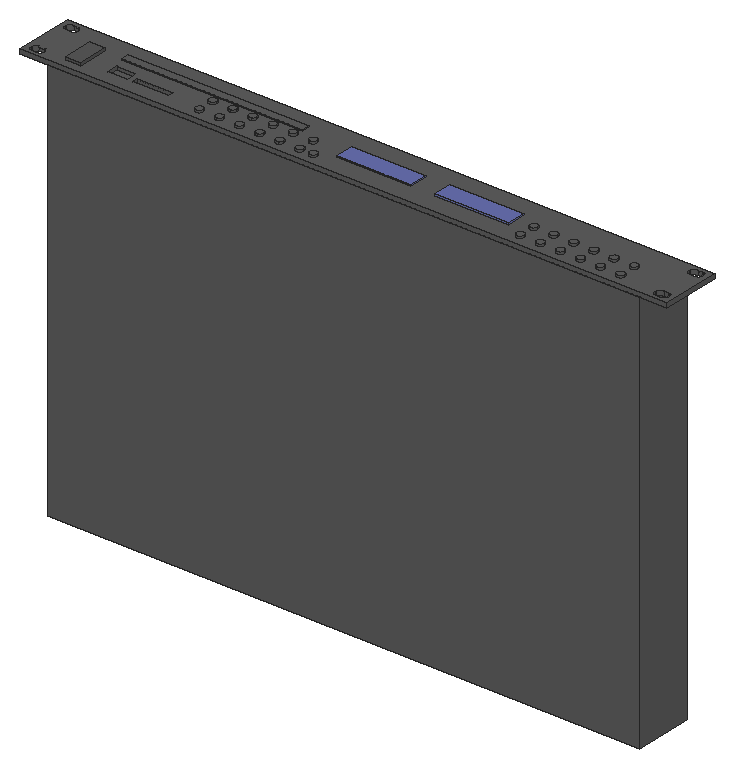
Revit family "1Electronics_Commercial-Audio_Biamp_Music-Source_PC3000", category Communication Devices, host Face, Revit 2020
Family settings
  Host = Face
  Maintain Annotation Orientation = No
  Round Connector Dimension = Use Diameter
  Part Type = Normal
  OmniClass Number = 23.85.10.11.14
  OmniClass Title = Audio Equipment
  Cut with Voids When Loaded = No
  Shared = No
  Room Calculation Point = No
Parameters (values of type "PCR3000RMKIII")
  Width = 1' - 7"  # constant formula
  Weight = 10.15 lbf  # constant formula
  Voltage = 230 V  # constant formula
  Unbalanced outputs = "2 x RCA + COMBI RCA"  # constant formula
  USB = "32 GB up to 9999 songs"  # constant formula
  URL = "https://www.biamp.com/"
  Supported file format = "MP3, WMA"  # constant formula
  Supported bluetooth profiles = "A2DP, AVRCP and SPP"  # constant formula
  SD card = "32 GB up to 9999 songs"  # constant formula
  RS232 control = "Yes"  # constant formula
  Product data url = "https://www.bimobject.com/biamp/product/pcr3000rmkiii_commercial-audio-music-source"
  Product Page URL = "https://www.biamp.com/products/product-families/commercial-audio/music-sources#pcr3000rmkiii"
  Product Documentation Link = "https://downloads.biamp.com/assets/docs/default-source/data-sheets/biamp_data_sheet_pcr3000rmkiii_aug20.pdf"
  Power Factor = 1  # constant formula
  Other/digital outputs = "1 x optical + 1 x coaxial"  # constant formula
  Number of Poles = 1  # constant formula
  Model = "PCR3000RMKIII"  # constant formula
  Max Power Consumption = 0 W  # constant formula
  Manufacturer = "Biamp"  # constant formula
  IR remote included = "Yes"  # constant formula
  Housing Material = Biamp - Metal - Black
  Height = 0' - 1.73228"  # constant formula
  FM tuner = "Yes"  # constant formula
  Description = "PCR3000RMKIII Music Source with DAB & FM RDS/CD/USB/SD-Card /Bluetooth"  # constant formula
  Depth = 1' - 0.00787"  # constant formula
  Default Elevation = 4' - 0"
  DAB Tuner / DAB + = "Yes"  # constant formula
  Connector Description = "230VAC / 50-60Hz / 30W"  # constant formula
  CD = "Yes"  # constant formula
  Bluetooth = "Yes"  # constant formula
  Applicable low impedance = "Yes"  # constant formula
  Apparent Load = Max Power Consumption / Power Factor  # 0 VA
Reference planes (in)
  plane 1 "Center (Front/Back)": y = 0
  plane 2: z = 0
  plane 3 "Center (Left/Right)": x = 0
  plane 4: x = 18.34401
  plane 5: x = 9.17029
  plane 6: y = -0.63068
  plane 7: y = 0.63068
Forms (in)
  Extrusion 1, void
    sketch origin (0, 0, 0) x (1, 0, 0) y (0, 0, 1)
      loop
        line (0.45929, 0) -> (0.45929, -12.08661) -> (17.88129, -12.08661) -> (17.88129, 0) -> (18.67816, 0) -> (18.67816, 0.19685) -> (-0.33759, 0.19685) -> (-0.33759, 0) -> (0.45929, 0)
    from -0.86614 to 0.86614
  Extrusion 2, solid, material "Biamp - Metal - Black" <- "Housing Material", detail levels coarse
    sketch origin (18.34058, 0, 0) x (-1, 0, 0) y (0, 0, 1)
      loop
        line (0.45929, 0) -> (0.45929, -12.08661) -> (17.88129, -12.08661) -> (17.88129, 0) -> (18.67816, 0) -> (18.67816, 0.19685) -> (-0.33759, 0.19685) -> (-0.33759, 0) -> (0.45929, 0)
    from -0.86614 to 0.86614
Lines and regions (in)
  Masking region 1
    outline origin (0, 0, 0) x (1, 0, 0) y (0, 0, 1)
      loop
        line (18.67816, 0.19685) -> (-0.33759, 0.19685) -> (-0.33759, 0) -> (0.45929, 0) -> (0.45929, -12.08661) -> (17.88129, -12.08661) -> (17.88129, 0) -> (18.67816, 0) -> (18.67816, 0.19685)
  Masking region 2
    outline origin (0, 0, 0) x (0, 1, 0) y (0, 0, 1)
      loop
        line (0.86614, -12.08661) -> (0.86614, 0.19685) -> (-0.86614, 0.19685) -> (-0.86614, -12.08661) -> (0.86614, -12.08661)
  Masking region 3
    outline origin (18.34058, 0, 0) x (-1, 0, 0) y (0, -1, 0)
      loop
        line (18.67816, 0.86614) -> (-0.33759, 0.86614) -> (-0.33759, -0.86614) -> (18.67816, -0.86614) -> (18.67816, 0.86614)
      loop
        arc (0.069, 0.49667) -> (0.15513, 0.52802) -> (0.20095, 0.60741) r 0.13399
        line (0.20095, 0.60741) -> (0.20095, 0.65395)
        arc (0.20095, 0.65395) -> (0.15512, 0.73332) -> (0.069, 0.76467) r 0.134
        line (0.069, 0.76467) -> (-0.069, 0.76467)
        arc (-0.069, 0.76467) -> (-0.15512, 0.73332) -> (-0.20095, 0.65395) r 0.134
        line (-0.20095, 0.65395) -> (-0.20095, 0.60741)
        arc (-0.20095, 0.60741) -> (-0.15513, 0.52802) -> (-0.069, 0.49667) r 0.13399
        line (-0.069, 0.49667) -> (0.069, 0.49667)
      loop
        line (0.069, -0.48715) -> (-0.069, -0.48715)
        arc (-0.069, -0.48715) -> (-0.15512, -0.51849) -> (-0.20095, -0.59787) r 0.134
        line (-0.20095, -0.59787) -> (-0.20095, -0.6444)
        arc (-0.20095, -0.6444) -> (-0.15513, -0.72379) -> (-0.069, -0.75515) r 0.13399
        line (-0.069, -0.75515) -> (0.069, -0.75515)
        arc (0.069, -0.75515) -> (0.15513, -0.72379) -> (0.20095, -0.6444) r 0.13399
        line (0.20095, -0.6444) -> (0.20095, -0.59787)
        arc (0.20095, -0.59787) -> (0.15512, -0.51849) -> (0.069, -0.48715) r 0.134
      loop
        arc (18.41301, 0.49667) -> (18.49915, 0.52802) -> (18.54498, 0.60741) r 0.13401
        line (18.54498, 0.60741) -> (18.54498, 0.65395)
        arc (18.54498, 0.65395) -> (18.49914, 0.73332) -> (18.41301, 0.76467) r 0.13401
        line (18.41301, 0.76467) -> (18.27501, 0.76467)
        arc (18.27501, 0.76467) -> (18.18888, 0.73332) -> (18.14305, 0.65395) r 0.134
        line (18.14305, 0.65395) -> (18.14305, 0.60741)
        arc (18.14305, 0.60741) -> (18.18888, 0.52802) -> (18.27501, 0.49667) r 0.13399
        line (18.27501, 0.49667) -> (18.41301, 0.49667)
      loop
        line (18.14305, -0.59787) -> (18.14305, -0.6444)
        arc (18.14305, -0.6444) -> (18.18888, -0.72379) -> (18.27501, -0.75515) r 0.13399
        line (18.27501, -0.75515) -> (18.41301, -0.75515)
        arc (18.41301, -0.75515) -> (18.49913, -0.72382) -> (18.54498, -0.64448) r 0.13402
        line (18.54498, -0.64448) -> (18.54498, -0.59787)
        arc (18.54498, -0.59787) -> (18.49914, -0.51849) -> (18.41301, -0.48715) r 0.13401
        line (18.41301, -0.48715) -> (18.27501, -0.48715)
        arc (18.27501, -0.48715) -> (18.18888, -0.51849) -> (18.14305, -0.59787) r 0.134
  symbolic lines
    curve 1: line (18.67816, 0, 0.19685) -> (-0.33759, 0, 0.19685)
    curve 2: line (-0.33759, 0, 0.19685) -> (-0.33759, 0, 0)
    curve 3: line (-0.33759, 0, 0) -> (0.45929, 0, 0)
    curve 4: line (0.45929, 0, 0) -> (0.45929, 0, -12.08661)
    curve 5: line (0.45929, 0, -12.08661) -> (17.88129, 0, -12.08661)
    curve 6: line (17.88129, 0, -12.08661) -> (17.88129, 0, 0)
    curve 7: line (17.88129, 0, 0) -> (18.67816, 0, 0)
    curve 8: line (18.67816, 0, 0) -> (18.67816, 0, 0.19685)
    curve 9: line (0.45929, 0, 0) -> (17.88129, 0, 0)
    curve 10: line (0, 0.86614, -12.08661) -> (0, 0.86614, 0.19685)
    curve 11: line (0, 0.86614, 0.19685) -> (0, -0.86614, 0.19685)
    curve 12: line (0, -0.86614, 0.19685) -> (0, -0.86614, -12.08661)
    curve 13: line (0, -0.86614, -12.08661) -> (0, 0.86614, -12.08661)
    curve 14: line (0, 0.86614, 0) -> (0, -0.86614, 0)
    curve 15: line (-0.33759, -0.86614, 0) -> (18.67816, -0.86614, 0)
    curve 16: line (18.67816, -0.86614, 0) -> (18.67816, 0.86614, 0)
    curve 17: line (18.67816, 0.86614, 0) -> (-0.33759, 0.86614, 0)
    curve 18: line (-0.33759, 0.86614, 0) -> (-0.33759, -0.86614, 0)
    curve 19: arc (0.06557, -0.49667, 0) -> (0.1517, -0.52802, 0) -> (0.19752, -0.60741, 0) r 0.13399
    curve 20: line (0.19752, -0.60741, 0) -> (0.19752, -0.65395, 0)
    curve 21: arc (0.19752, -0.65395, 0) -> (0.15169, -0.73332, 0) -> (0.06557, -0.76467, 0) r 0.134
    curve 22: line (0.06557, -0.76467, 0) -> (-0.07243, -0.76467, 0)
    curve 23: arc (-0.07243, -0.76467, 0) -> (-0.15857, -0.73332, 0) -> (-0.20441, -0.65395, 0) r 0.13401
    curve 24: line (-0.20441, -0.65395, 0) -> (-0.20441, -0.60741, 0)
    curve 25: arc (-0.20441, -0.60741, 0) -> (-0.15858, -0.52802, 0) -> (-0.07243, -0.49667, 0) r 0.13401
    curve 26: line (-0.07243, -0.49667, 0) -> (0.06557, -0.49667, 0)
    curve 27: arc (0.19752, 0.59787, 0) -> (0.15169, 0.51849, 0) -> (0.06557, 0.48715, 0) r 0.134
    curve 28: line (0.06557, 0.48715, 0) -> (-0.07243, 0.48715, 0)
    curve 29: arc (-0.07243, 0.48715, 0) -> (-0.15857, 0.51849, 0) -> (-0.20441, 0.59787, 0) r 0.13401
    curve 30: line (-0.20441, 0.59787, 0) -> (-0.20441, 0.64448, 0)
    curve 31: arc (-0.20441, 0.64448, 0) -> (-0.15855, 0.72382, 0) -> (-0.07243, 0.75515, 0) r 0.13402
    curve 32: line (-0.07243, 0.75515, 0) -> (0.06557, 0.75515, 0)
    curve 33: arc (0.06557, 0.75515, 0) -> (0.1517, 0.72379, 0) -> (0.19752, 0.6444, 0) r 0.13399
    curve 34: line (0.19752, 0.6444, 0) -> (0.19752, 0.59787, 0)
    curve 35: arc (18.13962, -0.60741, 0) -> (18.18544, -0.52802, 0) -> (18.27158, -0.49667, 0) r 0.13399
    curve 36: line (18.27158, -0.49667, 0) -> (18.40957, -0.49667, 0)
    curve 37: arc (18.40957, -0.49667, 0) -> (18.49571, -0.52802, 0) -> (18.54153, -0.60741, 0) r 0.13399
    curve 38: line (18.54153, -0.60741, 0) -> (18.54153, -0.65395, 0)
    curve 39: arc (18.54153, -0.65395, 0) -> (18.4957, -0.73332, 0) -> (18.40957, -0.76467, 0) r 0.134
    curve 40: line (18.40957, -0.76467, 0) -> (18.27158, -0.76467, 0)
    curve 41: arc (18.27158, -0.76467, 0) -> (18.18545, -0.73332, 0) -> (18.13962, -0.65395, 0) r 0.134
    curve 42: line (18.13962, -0.65395, 0) -> (18.13962, -0.60741, 0)
    curve 43: arc (18.27158, 0.48715, 0) -> (18.18545, 0.51849, 0) -> (18.13962, 0.59787, 0) r 0.134
    curve 44: line (18.13962, 0.59787, 0) -> (18.13962, 0.6444, 0)
    curve 45: arc (18.13962, 0.6444, 0) -> (18.18544, 0.72379, 0) -> (18.27158, 0.75515, 0) r 0.13399
    curve 46: line (18.27158, 0.75515, 0) -> (18.40957, 0.75515, 0)
    curve 47: arc (18.40957, 0.75515, 0) -> (18.49571, 0.72379, 0) -> (18.54153, 0.6444, 0) r 0.13399
    curve 48: line (18.54153, 0.6444, 0) -> (18.54153, 0.59787, 0)
    curve 49: arc (18.54153, 0.59787, 0) -> (18.4957, 0.51849, 0) -> (18.40957, 0.48715, 0) r 0.134
    curve 50: line (18.40957, 0.48715, 0) -> (18.27158, 0.48715, 0)
    curve 51: line (11.37501, -0.27559, 0) -> (13.54037, -0.27559, 0)
    curve 52: line (13.54037, -0.27559, 0) -> (13.54037, 0.27559, 0)
    curve 53: line (13.54037, 0.27559, 0) -> (11.37501, 0.27559, 0)
    curve 54: line (11.37501, 0.27559, 0) -> (11.37501, -0.27559, 0)
    curve 55: line (8.501, -0.27559, 0) -> (10.66635, -0.27559, 0)
    curve 56: line (10.66635, -0.27559, 0) -> (10.66635, 0.27559, 0)
    curve 57: line (10.66635, 0.27559, 0) -> (8.501, 0.27559, 0)
    curve 58: line (8.501, 0.27559, 0) -> (8.501, -0.27559, 0)
    curve 59: line (1.79787, 0.19685, 0) -> (7.11283, 0.19685, 0)
    curve 60: line (7.11283, 0.19685, 0) -> (7.11283, 0.43307, 0)
    curve 61: line (7.11283, 0.43307, 0) -> (1.79787, 0.43307, 0)
    curve 62: line (1.79787, 0.43307, 0) -> (1.79787, 0.19685, 0)
    curve 63: line (2.62464, -0.27559, 0) -> (3.68764, -0.27559, 0)
    curve 64: line (3.68764, -0.27559, 0) -> (3.68764, -0.43307, 0)
    curve 65: line (3.68764, -0.43307, 0) -> (2.62464, -0.43307, 0)
    curve 66: line (2.62464, -0.43307, 0) -> (2.62464, -0.27559, 0)
    curve 67: line (1.87661, -0.07874, 0) -> (2.46716, -0.07874, 0)
    curve 68: line (2.46716, -0.07874, 0) -> (2.46716, -0.43307, 0)
    curve 69: line (2.46716, -0.43307, 0) -> (1.87661, -0.43307, 0)
    curve 70: line (1.87661, -0.43307, 0) -> (1.87661, -0.07874, 0)
    curve 71: line (1.22701, -0.59055, 0) -> (1.22701, 0.27559, 0)
    curve 72: line (1.22701, 0.27559, 0) -> (0.79393, 0.27559, 0)
    curve 73: line (0.79393, 0.27559, 0) -> (0.79393, -0.59055, 0)
    curve 74: line (0.79393, -0.59055, 0) -> (1.22701, -0.59055, 0)
    curve 75: arc (4.5443, -0.02953, 0) -> (4.65257, -0.1378, 0) -> (4.76084, -0.02953, 0) r 0.10827
    curve 76: arc (4.76084, -0.02953, 0) -> (4.65257, 0.07874, 0) -> (4.5443, -0.02953, 0) r 0.10827
    curve 77: arc (4.76084, -0.52165, 0) -> (4.65257, -0.41339, 0) -> (4.5443, -0.52165, 0) r 0.10827
    curve 78: arc (4.5443, -0.52165, 0) -> (4.65257, -0.62992, 0) -> (4.76084, -0.52165, 0) r 0.10827
    curve 79: arc (5.13486, -0.02953, 0) -> (5.24312, -0.1378, 0) -> (5.35139, -0.02953, 0) r 0.10827
    curve 80: arc (5.35139, -0.02953, 0) -> (5.24312, 0.07874, 0) -> (5.13486, -0.02953, 0) r 0.10827
    curve 81: arc (5.35139, -0.52165, 0) -> (5.24312, -0.41339, 0) -> (5.13486, -0.52165, 0) r 0.10827
    curve 82: arc (5.13486, -0.52165, 0) -> (5.24312, -0.62992, 0) -> (5.35139, -0.52165, 0) r 0.10827
    curve 83: arc (5.72541, -0.02953, 0) -> (5.83367, -0.1378, 0) -> (5.94194, -0.02953, 0) r 0.10827
    curve 84: arc (5.94194, -0.02953, 0) -> (5.83367, 0.07874, 0) -> (5.72541, -0.02953, 0) r 0.10827
    curve 85: arc (5.94194, -0.52165, 0) -> (5.83367, -0.41339, 0) -> (5.72541, -0.52165, 0) r 0.10827
    curve 86: arc (5.72541, -0.52165, 0) -> (5.83367, -0.62992, 0) -> (5.94194, -0.52165, 0) r 0.10827
    curve 87: arc (6.31596, -0.02953, 0) -> (6.42423, -0.1378, 0) -> (6.53249, -0.02953, 0) r 0.10827
    curve 88: arc (6.53249, -0.02953, 0) -> (6.42423, 0.07874, 0) -> (6.31596, -0.02953, 0) r 0.10827
    curve 89: arc (6.53249, -0.52165, 0) -> (6.42423, -0.41339, 0) -> (6.31596, -0.52165, 0) r 0.10827
    curve 90: arc (6.31596, -0.52165, 0) -> (6.42423, -0.62992, 0) -> (6.53249, -0.52165, 0) r 0.10827
    curve 91: arc (6.90651, -0.02953, 0) -> (7.01478, -0.1378, 0) -> (7.12304, -0.02953, 0) r 0.10827
    curve 92: arc (7.12304, -0.02953, 0) -> (7.01478, 0.07874, 0) -> (6.90651, -0.02953, 0) r 0.10827
    curve 93: arc (7.12304, -0.52165, 0) -> (7.01478, -0.41339, 0) -> (6.90651, -0.52165, 0) r 0.10827
    curve 94: arc (6.90651, -0.52165, 0) -> (7.01478, -0.62992, 0) -> (7.12304, -0.52165, 0) r 0.10827
    curve 95: arc (7.49706, -0.02953, 0) -> (7.60533, -0.1378, 0) -> (7.7136, -0.02953, 0) r 0.10827
    curve 96: arc (7.7136, -0.02953, 0) -> (7.60533, 0.07874, 0) -> (7.49706, -0.02953, 0) r 0.10827
    curve 97: arc (7.7136, -0.52165, 0) -> (7.60533, -0.41339, 0) -> (7.49706, -0.52165, 0) r 0.10827
    curve 98: arc (7.49706, -0.52165, 0) -> (7.60533, -0.62992, 0) -> (7.7136, -0.52165, 0) r 0.10827
    curve 99: arc (8.1073, -0.52165, 0) -> (7.99903, -0.41339, 0) -> (7.89076, -0.52165, 0) r 0.10827
    curve 100: arc (7.89076, -0.52165, 0) -> (7.99903, -0.62992, 0) -> (8.1073, -0.52165, 0) r 0.10827
    curve 101: arc (14.18997, -0.52165, 0) -> (14.08171, -0.41339, 0) -> (13.97344, -0.52165, 0) r 0.10827
    curve 102: arc (13.97344, -0.52165, 0) -> (14.08171, -0.62992, 0) -> (14.18997, -0.52165, 0) r 0.10827
    curve 103: arc (13.97344, -0.02953, 0) -> (14.08171, -0.1378, 0) -> (14.18997, -0.02953, 0) r 0.10827
    curve 104: arc (14.18997, -0.02953, 0) -> (14.08171, 0.07874, 0) -> (13.97344, -0.02953, 0) r 0.10827
    curve 105: arc (14.78052, -0.52165, 0) -> (14.67226, -0.41339, 0) -> (14.56399, -0.52165, 0) r 0.10827
    curve 106: arc (14.56399, -0.52165, 0) -> (14.67226, -0.62992, 0) -> (14.78052, -0.52165, 0) r 0.10827
    curve 107: arc (14.56399, -0.02953, 0) -> (14.67226, -0.1378, 0) -> (14.78052, -0.02953, 0) r 0.10827
    curve 108: arc (14.78052, -0.02953, 0) -> (14.67226, 0.07874, 0) -> (14.56399, -0.02953, 0) r 0.10827
    curve 109: arc (15.37108, -0.52165, 0) -> (15.26281, -0.41339, 0) -> (15.15454, -0.52165, 0) r 0.10827
    curve 110: arc (15.15454, -0.52165, 0) -> (15.26281, -0.62992, 0) -> (15.37108, -0.52165, 0) r 0.10827
    curve 111: arc (15.15454, -0.02953, 0) -> (15.26281, -0.1378, 0) -> (15.37108, -0.02953, 0) r 0.10827
    curve 112: arc (15.37108, -0.02953, 0) -> (15.26281, 0.07874, 0) -> (15.15454, -0.02953, 0) r 0.10827
    curve 113: arc (15.96163, -0.52165, 0) -> (15.85336, -0.41339, 0) -> (15.74509, -0.52165, 0) r 0.10827
    curve 114: arc (15.74509, -0.52165, 0) -> (15.85336, -0.62992, 0) -> (15.96163, -0.52165, 0) r 0.10827
    curve 115: arc (15.74509, -0.02953, 0) -> (15.85336, -0.1378, 0) -> (15.96163, -0.02953, 0) r 0.10827
    curve 116: arc (15.96163, -0.02953, 0) -> (15.85336, 0.07874, 0) -> (15.74509, -0.02953, 0) r 0.10827
    curve 117: arc (16.55218, -0.52165, 0) -> (16.44391, -0.41339, 0) -> (16.33564, -0.52165, 0) r 0.10827
    curve 118: arc (16.33564, -0.52165, 0) -> (16.44391, -0.62992, 0) -> (16.55218, -0.52165, 0) r 0.10827
    curve 119: arc (16.33564, -0.02953, 0) -> (16.44391, -0.1378, 0) -> (16.55218, -0.02953, 0) r 0.10827
    curve 120: arc (16.55218, -0.02953, 0) -> (16.44391, 0.07874, 0) -> (16.33564, -0.02953, 0) r 0.10827
    curve 121: arc (17.14273, -0.52165, 0) -> (17.03446, -0.41339, 0) -> (16.92619, -0.52165, 0) r 0.10827
    curve 122: arc (16.92619, -0.52165, 0) -> (17.03446, -0.62992, 0) -> (17.14273, -0.52165, 0) r 0.10827
    curve 123: arc (16.92619, -0.02953, 0) -> (17.03446, -0.1378, 0) -> (17.14273, -0.02953, 0) r 0.10827
    curve 124: arc (17.14273, -0.02953, 0) -> (17.03446, 0.07874, 0) -> (16.92619, -0.02953, 0) r 0.10827
Dimensions and locks (in)
  aligned and locked: plane 2 to host face
  aligned and locked: level to host face
  aligned and locked: Extrusion 2 to nested 1
  aligned and locked: nested 1 to Extrusion 2
Nested families (in)
  nested 1: "PCR3000RMKIII" at (9.17029, -0.86614, -5.94488) x (1, 0, 0) z (0, 1, 0), type "PCR3000RMKIII", detail levels medium+fine
Connectors (in)
  electrical at (1.7585, 0.27559, -11.5748), driven by "Power Factor", driven by "Max Power Consumption", driven by "Voltage", driven by "Number of Poles", driven by "Connector Description"
    settings: on nested 1, index 35, voltage 230 V, apparent load 0 VA, apparent load phase1 0 VA, apparent load phase2 0 VA, apparent load phase3 0 VA, power factor 1, load classification "Other", number of poles 1, system type 31, power factor state 1, is connector primary yes, connector utility no, sub classification motor no, connector description "230VAC / 50-60Hz / 30W"
  electrical at (5.53803, -0.19685, -12.08661)
    settings: on nested 1, index 36, voltage 0 V, apparent load 0 VA, apparent load phase1 0 VA, apparent load phase2 0 VA, apparent load phase3 0 VA, power factor 1, load classification "Other", number of poles 1, system type 5, power factor state 1, is connector primary no, connector utility no, sub classification motor no, connector description "RS232; External control"
  electrical at (8.50351, -0.33465, -11.5748)
    settings: on nested 1, index 38, voltage 0 V, apparent load 0 VA, apparent load phase1 0 VA, apparent load phase2 0 VA, apparent load phase3 0 VA, power factor 1, load classification "Other", number of poles 1, system type 5, power factor state 1, is connector primary no, connector utility no, sub classification motor no, connector description "Rear USB"
  electrical at (9.84979, -0.19685, -11.92913)
    settings: on nested 1, index 39, voltage 0 V, apparent load 0 VA, apparent load phase1 0 VA, apparent load phase2 0 VA, apparent load phase3 0 VA, power factor 1, load classification "Other", number of poles 1, system type 5, power factor state 1, is connector primary no, connector utility no, sub classification motor no, connector description "RCA; Coaxial digital output"
  electrical at (13.66869, -0.19685, -11.92913)
    settings: on nested 1, index 41, voltage 0 V, apparent load 0 VA, apparent load phase1 0 VA, apparent load phase2 0 VA, apparent load phase3 0 VA, power factor 1, load classification "Other", number of poles 1, system type 5, power factor state 1, is connector primary no, connector utility no, sub classification motor no, connector description "RCA; CD/USB/SD output R"
  electrical at (14.84979, -0.19685, -11.92913)
    settings: on nested 1, index 42, voltage 0 V, apparent load 0 VA, apparent load phase1 0 VA, apparent load phase2 0 VA, apparent load phase3 0 VA, power factor 1, load classification "Other", number of poles 1, system type 5, power factor state 1, is connector primary no, connector utility no, sub classification motor no, connector description "RCA; Combi output R"
  electrical at (15.24349, -0.19685, -11.92913)
    settings: on nested 1, index 43, voltage 0 V, apparent load 0 VA, apparent load phase1 0 VA, apparent load phase2 0 VA, apparent load phase3 0 VA, power factor 1, load classification "Other", number of poles 1, system type 5, power factor state 1, is connector primary no, connector utility no, sub classification motor no, connector description "RCA; Tuner output R"
  electrical at (15.24349, 0.43307, -11.92913)
    settings: on nested 1, index 44, voltage 0 V, apparent load 0 VA, apparent load phase1 0 VA, apparent load phase2 0 VA, apparent load phase3 0 VA, power factor 1, load classification "Other", number of poles 1, system type 5, power factor state 1, is connector primary no, connector utility no, sub classification motor no, connector description "RCA; Tuner output L"
  electrical at (14.84979, 0.43307, -11.92913)
    settings: on nested 1, index 45, voltage 0 V, apparent load 0 VA, apparent load phase1 0 VA, apparent load phase2 0 VA, apparent load phase3 0 VA, power factor 1, load classification "Other", number of poles 1, system type 5, power factor state 1, is connector primary no, connector utility no, sub classification motor no, connector description "RCA; Combi output L"
  electrical at (13.66869, 0.43307, -11.92913)
    settings: on nested 1, index 46, voltage 0 V, apparent load 0 VA, apparent load phase1 0 VA, apparent load phase2 0 VA, apparent load phase3 0 VA, power factor 1, load classification "Other", number of poles 1, system type 5, power factor state 1, is connector primary no, connector utility no, sub classification motor no, connector description "RCA; CD/USB/SD output L"
  electrical at (16.67968, 0.11811, -12.00787)
    settings: on nested 1, index 47, voltage 0 V, apparent load 0 VA, apparent load phase1 0 VA, apparent load phase2 0 VA, apparent load phase3 0 VA, power factor 1, load classification "Other", number of poles 1, system type 5, power factor state 1, is connector primary no, connector utility no, sub classification motor no, connector description "BT antenna"
  electrical at (17.19231, 0.09843, -12.00787)
    settings: on nested 1, index 48, voltage 0 V, apparent load 0 VA, apparent load phase1 0 VA, apparent load phase2 0 VA, apparent load phase3 0 VA, power factor 1, load classification "Other", number of poles 1, system type 5, power factor state 1, is connector primary no, connector utility no, sub classification motor no, connector description "Antenna"
  electrical at (2.17189, -0.25591, 0.11811)
    settings: on nested 1, index 49, voltage 0 V, apparent load 0 VA, apparent load phase1 0 VA, apparent load phase2 0 VA, apparent load phase3 0 VA, power factor 1, load classification "Other", number of poles 1, system type 5, power factor state 1, is connector primary no, connector utility no, sub classification motor no, connector description "USB"
  electrical at (6.44354, -0.43307, -11.5748)
    settings: on nested 1, index 50, voltage 0 V, apparent load 0 VA, apparent load phase1 0 VA, apparent load phase2 0 VA, apparent load phase3 0 VA, power factor 1, load classification "Other", number of poles 1, system type 5, power factor state 1, is connector primary no, connector utility no, sub classification motor no, connector description "IR; Input"
Definition of nested family "PCR3000RMKIII"
  Parameters (values of type "PCR3000RMKIII")
    Width = 1' - 7.01575"
    URL = "https://www.biamp.com/"
    Temperature Range = ""
    Product data url = ""
    Product Page URL = ""
    Product Documentation Link = ""
    Material Table Mount = none
    Manufacturer = "Biamp"  # constant formula
    Humidity = ""
    Height = 0' - 1.73228"
    Depth = 1' - 0.00787"
    Default Elevation = 4' - 0"
    Altitude = ""
  Reference planes (in)
    plane 1 "Center (Front/Back)": y = 0
    plane 2: z = 0
    plane 3 "Center (Left/Right)": x = 0
    plane 4: z = 1.73228
    plane 5: x = -9.50787
    plane 6: x = 9.50787
    plane 7: y = -5.94488
    plane 8: y = 5.94488
    plane 9: x = -8.711
    plane 10: x = 8.711
    plane 11: y = 5.3937
    plane 12: y = 5.62992
    plane 13: y = 6.06299
    plane 14: y = -6.06299
    plane 15: y = -6.14173
    plane 16: y = 6.14173
    plane 17: y = -6.10236
    plane 18: y = 5.98425
  Forms (in)
    Extrusion 1, solid
      sketch origin (0, 0, 0) x (1, 0, 0) y (0, 1, 0)
        loop
          line (-48, 48) -> (-48, -48) -> (48, -48) -> (48, 48) -> (-48, 48)
      from 0 to -12
    Extrusion 2, void
      sketch origin (0, -1.59449, -0.00181) x (1, 0, 0) y (0, 0, 1)
        loop
          line (-9.10472, 1.6231) -> (-9.24272, 1.6231)
          arc (-9.24272, 1.6231) -> (-9.32884, 1.59178) -> (-9.37469, 1.51244) r 0.13402
          line (-9.37469, 1.51244) -> (-9.37469, 1.46582)
          arc (-9.37469, 1.46582) -> (-9.32886, 1.38645) -> (-9.24272, 1.3551) r 0.13401
          line (-9.24272, 1.3551) -> (-9.10472, 1.3551)
          arc (-9.10472, 1.3551) -> (-9.0186, 1.38645) -> (-8.97276, 1.46582) r 0.134
          line (-8.97276, 1.46582) -> (-8.97276, 1.51236)
          arc (-8.97276, 1.51236) -> (-9.01859, 1.59175) -> (-9.10472, 1.6231) r 0.13399
        loop
          line (-9.10472, 0.37129) -> (-9.24272, 0.37129)
          arc (-9.24272, 0.37129) -> (-9.32886, 0.33993) -> (-9.37469, 0.26054) r 0.13401
          line (-9.37469, 0.26054) -> (-9.37469, 0.21401)
          arc (-9.37469, 0.21401) -> (-9.32886, 0.13463) -> (-9.24272, 0.10329) r 0.13401
          line (-9.24272, 0.10329) -> (-9.10472, 0.10329)
          arc (-9.10472, 0.10329) -> (-9.0186, 0.13463) -> (-8.97276, 0.21401) r 0.134
          line (-8.97276, 0.21401) -> (-8.97276, 0.26054)
          arc (-8.97276, 0.26054) -> (-9.01859, 0.33993) -> (-9.10472, 0.37129) r 0.13399
        loop
          line (9.23929, 1.6231) -> (9.10129, 1.6231)
          arc (9.10129, 1.6231) -> (9.01516, 1.59175) -> (8.96933, 1.51236) r 0.13399
          line (8.96933, 1.51236) -> (8.96933, 1.46582)
          arc (8.96933, 1.46582) -> (9.01516, 1.38645) -> (9.10129, 1.3551) r 0.134
          line (9.10129, 1.3551) -> (9.23929, 1.3551)
          arc (9.23929, 1.3551) -> (9.32541, 1.38645) -> (9.37124, 1.46582) r 0.134
          line (9.37124, 1.46582) -> (9.37124, 1.51236)
          arc (9.37124, 1.51236) -> (9.32542, 1.59175) -> (9.23929, 1.6231) r 0.13399
        loop
          line (9.23929, 0.37129) -> (9.10129, 0.37129)
          arc (9.10129, 0.37129) -> (9.01516, 0.33993) -> (8.96933, 0.26054) r 0.13399
          line (8.96933, 0.26054) -> (8.96933, 0.21401)
          arc (8.96933, 0.21401) -> (9.01516, 0.13463) -> (9.10129, 0.10329) r 0.134
          line (9.10129, 0.10329) -> (9.23929, 0.10329)
          arc (9.23929, 0.10329) -> (9.32541, 0.13463) -> (9.37124, 0.21401) r 0.134
          line (9.37124, 0.21401) -> (9.37124, 0.26054)
          arc (9.37124, 0.26054) -> (9.32542, 0.33993) -> (9.23929, 0.37129) r 0.13399
      from 4.35039 to 4.4685
    Extrusion 3, solid, material <- "Material Table Mount"
      sketch origin (0, -0.03937, -0.00181) x (1, 0, 0) y (0, 1, 0)
        loop
          line (-9.50787, -6.02362) -> (9.50787, -6.02362) -> (9.50787, -5.90551) -> (-9.50787, -5.90551) -> (-9.50787, -6.02362)
      from 0.00181 to 1.7341
    Extrusion 4, solid, material <- "Material Table Mount"
      sketch origin (-0.37322, 0, 0) x (1, 0, 0) y (0, 1, 0)
        loop
          line (-8.33778, 5.94488) -> (-8.33778, -5.94488) -> (9.08422, -5.94488) -> (9.08422, 5.94488) -> (-8.33778, 5.94488)
      from 0 to 1.73228
    Extrusion 5, void
      sketch origin (0, 0, 0) x (1, 0, 0) y (0, 0, 1)
        loop
          arc (-7.56927, 1.43701) -> (-7.86454, 1.14173) -> (-7.56927, 0.84646) r 0.29528
          line (-7.56927, 0.84646) -> (-7.25431, 0.84646)
          arc (-7.25431, 0.84646) -> (-6.95903, 1.14173) -> (-7.25431, 1.43701) r 0.29528
          line (-7.25431, 1.43701) -> (-7.56927, 1.43701)
        loop
          circle (-2.72675, 0.43307) r 0.11811
        loop
          line (-0.31245, 0.70866) -> (-1.02111, 0.70866) -> (-1.02111, 0.35433) -> (-0.31245, 0.35433) -> (-0.31245, 0.70866)
      from -5.94488 to -5.62992
    Extrusion 6, solid
      sketch origin (4.0247, 0, 0) x (1, 0, 0) y (0, 0, 1)
        loop
          circle (0.4737, 1.29921) r 0.07874
        loop
          circle (1.6548, 1.29921) r 0.07874
        loop
          circle (2.0485, 1.29921) r 0.07874
      from -5.98425 to -5.94488
    Extrusion 7, solid, material <- "Material Table Mount"
      sketch origin (0, 0, 0) x (1, 0, 0) y (0, 0, 1)
        loop
          circle (7.86417, 0.34449) r 0.10827
        loop
          circle (7.86417, 0.83661) r 0.10827
        loop
          circle (7.27362, 0.34449) r 0.10827
        loop
          circle (7.27362, 0.83661) r 0.10827
        loop
          circle (6.68307, 0.34449) r 0.10827
        loop
          circle (6.68307, 0.83661) r 0.10827
        loop
          circle (6.09252, 0.34449) r 0.10827
        loop
          circle (6.09252, 0.83661) r 0.10827
        loop
          circle (5.50197, 0.34449) r 0.10827
        loop
          circle (5.50197, 0.83661) r 0.10827
        loop
          circle (4.91142, 0.34449) r 0.10827
        loop
          circle (4.91142, 0.83661) r 0.10827
        loop
          circle (-1.56496, 0.34449) r 0.10827
        loop
          circle (-1.56496, 0.83661) r 0.10827
        loop
          circle (-2.15551, 0.34449) r 0.10827
        loop
          circle (-2.15551, 0.83661) r 0.10827
        loop
          circle (-2.74606, 0.34449) r 0.10827
        loop
          circle (-2.74606, 0.83661) r 0.10827
        loop
          circle (-3.33661, 0.34449) r 0.10827
        loop
          circle (-3.33661, 0.83661) r 0.10827
        loop
          circle (-3.92717, 0.34449) r 0.10827
        loop
          circle (-3.92717, 0.83661) r 0.10827
        loop
          circle (-4.51772, 0.34449) r 0.10827
        loop
          circle (-4.51772, 0.83661) r 0.10827
        loop
          circle (-1.17126, 0.34449) r 0.10827
      from 6.06299 to 6.10236
    Extrusion 8, solid
      sketch origin (0, 0, 0) x (1, 0, 0) y (0, 0, 1)
        loop
          line (-0.66929, 1.14173) -> (-0.66929, 0.59055) -> (1.49606, 0.59055) -> (1.49606, 1.14173) -> (-0.66929, 1.14173)
        loop
          line (2.20472, 1.14173) -> (2.20472, 0.59055) -> (4.37008, 0.59055) -> (4.37008, 1.14173) -> (2.20472, 1.14173)
      from 6.06299 to 6.10236
    Extrusion 9, solid
      sketch origin (0, 0, 0) x (1, 0, 0) y (0, 0, 1)
        loop
          line (-7.94328, 1.14173) -> (-8.37635, 1.14173) -> (-8.37635, 0.27559) -> (-7.94328, 0.27559) -> (-7.94328, 1.14173)
      from 6.06299 to 6.14173
    Extrusion 10, solid, material <- "Material Table Mount"
      sketch origin (0, 0, 0) x (1, 0, 0) y (0, 0, 1)
        loop
          line (-7.37242, 1.06299) -> (-2.05746, 1.06299) -> (-2.05746, 1.29921) -> (-7.37242, 1.29921) -> (-7.37242, 1.06299)
      from 6.06299 to 6.10236
    Extrusion 11, void
      sketch origin (0, 0, 0) x (1, 0, 0) y (0, 0, 1)
        loop
          line (-7.29368, 0.7874) -> (-7.29368, 0.43307) -> (-6.70312, 0.43307) -> (-6.70312, 0.7874) -> (-7.29368, 0.7874)
        loop
          line (-6.54564, 0.43307) -> (-5.48265, 0.43307) -> (-5.48265, 0.59055) -> (-6.54564, 0.59055) -> (-6.54564, 0.43307)
      from 5.94488 to 6.06299
    Extrusion 12, solid
      sketch origin (4.0247, 0, -0.62992) x (1, 0, 0) y (0, 0, 1)
        loop
          circle (0.4737, 1.29921) r 0.07874
        loop
          circle (1.6548, 1.29921) r 0.07874
        loop
          circle (2.0485, 1.29921) r 0.07874
      from -5.98425 to -5.94488
    Extrusion 13, solid
      sketch origin (1.78061, 0, -0.62992) x (1, 0, 0) y (0, 0, 1)
        loop
          circle (0.4737, 1.29921) r 0.07874
      from -5.98425 to -5.94488
    Extrusion 14, solid
      sketch origin (0.20581, 0, -0.62992) x (1, 0, 0) y (0, 0, 1)
        loop
          circle (0.4737, 1.29921) r 0.07874
      from -5.98425 to -5.94488
    Extrusion 15, solid
      sketch origin (0, 0, 0) x (1, 0, 0) y (0, 0, 1)
        loop
          circle (3.37635, 0.88583) r 0.21654
        loop
          circle (6.76218, 0.88583) r 0.21654
      from -6.14173 to -5.94488
    Extrusion 16, solid
      sketch origin (0, 0, 0) x (1, 0, 0) y (0, 0, 1)
        loop
          line (-3.27793, 0.90551) -> (-3.98659, 0.90551) -> (-3.98659, 0.43307) -> (-3.27793, 0.43307) -> (-3.27793, 0.90551)
      from -6.14173 to -5.94488
    Extrusion 17, solid
      sketch origin (0, 0, 0) x (1, 0, 0) y (0, 0, 1)
        loop
          circle (-5.69919, 1.04331) r 0.33465
      from -6.06299 to -5.94488
    Extrusion 18, solid
      sketch origin (0, 0, 0) x (1, 0, 0) y (0, 0, 1)
        loop
          circle (8.02202, 0.96457) r 0.1378
      from -6.06299 to -5.94488
    Extrusion 19, solid
      sketch origin (0, 0, 0) x (1, 0, 0) y (0, 0, 1)
        loop
          circle (7.50939, 0.98425) r 0.11811
      from -6.06299 to -5.94488
  Cuts and joins
    Extrusion 2, Extrusion 5, Extrusion 11 cuts Extrusion 3
    Extrusion 5, Extrusion 11 cuts Extrusion 4
  Dimensions and locks (in)
    equal spacing: plane 8, plane 1 "Center (Front/Back)", plane 7
    locked: plane 5 to plane 9 at 0.79687
    locked: plane 10 to plane 6 at 0.79687
    locked: plane 8 to plane 11 at 0.55118
    plane 13 to plane 8 = 0' - 0.11811"
    "Height": plane 2 to plane 4
    "Depth": plane 13 to plane 7
    "Width": plane 5 to plane 6
    plane 14 to plane 17 to plane 15 = 0' - 0.03937" locked, 0' - 0.03937" locked
    aligned and locked: plane 2 to Extrusion 1
    aligned and locked: level to Extrusion 1
    aligned and locked: Extrusion 3 to plane 2
    aligned and locked: plane 4 to Extrusion 3
    aligned and locked: Extrusion 4 sketch curve to plane 8
    aligned and locked: cut or joined group of Extrusion 2, Extrusion 3, Extrusion 5, Extrusion 11 to Extrusion 4 sketch curve
    aligned and locked: plane 9 to Extrusion 4
    aligned and locked: plane 10 to Extrusion 4
    aligned and locked: Extrusion 4 to plane 2
    aligned and locked: plane 4 to Extrusion 4
    aligned and locked: Extrusion 6 to plane 8
    aligned and locked: plane 14 to cut or joined group of Extrusion 2, Extrusion 3, Extrusion 5, Extrusion 11
    aligned and locked: plane 14 to Extrusion 7
    aligned and locked: plane 14 to Extrusion 8
    aligned and locked: plane 14 to Extrusion 9
    aligned and locked: Extrusion 9 to plane 15
    aligned and locked: Extrusion 7 to plane 17
    aligned and locked: Extrusion 7 to Extrusion 8
    aligned and locked: plane 14 to Extrusion 10
    aligned and locked: Extrusion 10 to plane 17
    aligned and locked: Extrusion 2 to Extrusion 11  (x2)
    aligned and locked: cut or joined group of Extrusion 4, Extrusion 5, Extrusion 11 to plane 12
    aligned and locked: plane 16 to Extrusion 15
    aligned and locked: Extrusion 15 to plane 8
    aligned and locked: plane 16 to Extrusion 16
    aligned and locked: Extrusion 16 to plane 8
    aligned and locked: Extrusion 17 to plane 8
    aligned and locked: plane 13 to Extrusion 17
    aligned and locked: plane 8 to Extrusion 5
    aligned and locked: plane 18 to Extrusion 6
    aligned and locked: Extrusion 12 to plane 8
    aligned and locked: plane 18 to Extrusion 12
    aligned and locked: Extrusion 13 to plane 8
    aligned and locked: plane 18 to Extrusion 13
    aligned and locked: Extrusion 14 to plane 8
    aligned and locked: plane 18 to Extrusion 14
    aligned and locked: Extrusion 18 to plane 8
    aligned and locked: plane 13 to Extrusion 18
    aligned and locked: Extrusion 19 to plane 8
    aligned and locked: plane 13 to Extrusion 19
    aligned and locked: Extrusion 3 to Extrusion 2
  Automatic sketch dimensions
    Extrusion 1 sketch curve to Extrusion 1 sketch curve = 8' - 0"  (x2)
    Extrusion 2 sketch curve to plane 5 = 0' - 0.13318"  (x2)
    Extrusion 2 sketch curve to Extrusion 2 sketch curve = 0' - 0.13197"  (x2)
    level to Extrusion 2 sketch curve = 0' - 0.10147"  (x2)
    Extrusion 2 sketch curve to Extrusion 2 sketch curve = 0' - 0"  (x15)
    Extrusion 2 sketch curve to Extrusion 2 sketch curve = 0' - 0.138"  (x2)
    Extrusion 2 sketch curve to Extrusion 2 sketch curve = 0' - 0.13196"  (x6)
    plane 10 to Extrusion 2 sketch curve = 0' - 0.25833"  (x2)
    Extrusion 2 sketch curve to plane 4 = 0' - 0.111"
    Extrusion 2 sketch curve to Extrusion 2 sketch curve = 0' - 0.13799"  (x2)
    Extrusion 2 sketch curve to Extrusion 2 sketch curve = 0' - 0.11072"  (x8)
    Extrusion 2 sketch curve to Extrusion 2 sketch curve = 0' - 0.04654"  (x3)
    Extrusion 2 sketch curve to plane 4 = 0' - 0.37899"
    Extrusion 2 sketch curve to Extrusion 2 sketch curve = 0' - 0.268"
    Extrusion 2 sketch curve to Extrusion 2 sketch curve = 0' - 0.00004"
    Extrusion 3 sketch curve to plane 5 = 0' - 0"
    Extrusion 3 sketch curve to plane 6 = 0' - 0"
    Extrusion 3 sketch curve to plane 14 = 0' - 0"
    Extrusion 3 sketch curve to plane 7 = 0' - 0"
    Extrusion 4 sketch curve to plane 9 = 0' - 0"
    Extrusion 4 sketch curve to plane 10 = 0' - 0"
    Extrusion 9 sketch curve to plane 9 = 0' - 0.33465"
    Extrusion 9 sketch curve to Extrusion 9 sketch curve = 0' - 0.43307"
    level to Extrusion 9 sketch curve = 0' - 0.27559"
    Extrusion 9 sketch curve to plane 4 = 0' - 0.59055"
    Extrusion 10 sketch curve to plane 4 = 0' - 0.66929"
    Extrusion 10 sketch curve to plane 9 = 0' - 1.33858"
    Extrusion 10 sketch curve to plane 3 "Center (Left/Right)" = 0' - 2.05746"
    Extrusion 10 sketch curve to Extrusion 10 sketch curve = 0' - 0.23622"
    level to Extrusion 11 sketch curve = 0' - 0.43307"  (x2)
    Extrusion 11 sketch curve to plane 9 = 0' - 1.41732"
    Extrusion 11 sketch curve to Extrusion 11 sketch curve = 0' - 0.59055"
    Extrusion 11 sketch curve to Extrusion 11 sketch curve = 0' - 0.15748"  (x2)
    Extrusion 11 sketch curve to Extrusion 11 sketch curve = 0' - 1.06299"
    Extrusion 11 sketch curve to Extrusion 11 sketch curve = 0' - 0.19685"
    level to Extrusion 13 sketch curve = 0' - 0.66929"
    plane 3 "Center (Left/Right)" to Extrusion 13 sketch curve = 0' - 2.25431"
    plane 3 "Center (Left/Right)" to Extrusion 14 sketch curve = 0' - 0.6795"
    level to Extrusion 14 sketch curve = 0' - 0.66929"
    Extrusion 16 sketch curve to plane 4 = 0' - 0.82677"
    Extrusion 16 sketch curve to plane 3 "Center (Left/Right)" = 0' - 3.98659"
    Extrusion 16 sketch curve to Extrusion 16 sketch curve = 0' - 0.70866"
    level to Extrusion 16 sketch curve = 0' - 0.43307"
    Extrusion 17 sketch curve to plane 4 = 0' - 0.68898"
    Extrusion 17 sketch curve to plane 9 = 0' - 3.01181"
    Extrusion 5 sketch curve to plane 9 = 0' - 1.14173"
    Extrusion 5 sketch curve to Extrusion 5 sketch curve = 0' - 0.31496"
    level to Extrusion 5 sketch curve = 0' - 0.43307"
    Extrusion 5 sketch curve to plane 3 "Center (Left/Right)" = 0' - 2.72675"
    Extrusion 5 sketch curve to plane 3 "Center (Left/Right)" = 0' - 0.31245"
    Extrusion 5 sketch curve to Extrusion 5 sketch curve = 0' - 0.35433"
    level to Extrusion 5 sketch curve = 0' - 0.84646"
    Extrusion 5 sketch curve to Extrusion 5 sketch curve = 0' - 0.29528"
    level to Extrusion 7 sketch curve = 0' - 0.34449"  (x13)
    Extrusion 7 sketch curve to plane 10 = 0' - 0.84683"
    Extrusion 7 sketch curve to Extrusion 7 sketch curve = 0' - 0"  (x12)
    Extrusion 7 sketch curve to Extrusion 7 sketch curve = 0' - 0.59055"  (x10)
    Extrusion 7 sketch curve to plane 3 "Center (Left/Right)" = 0' - 1.17126"
    Extrusion 7 sketch curve to Extrusion 7 sketch curve = 0' - 0.3937"
    Extrusion 7 sketch curve to Extrusion 7 sketch curve = 0' - 0.49213"  (x12)
    Extrusion 8 sketch curve to plane 3 "Center (Left/Right)" = 0' - 0.66929"
    Extrusion 8 sketch curve to plane 4 = 0' - 0.59055"  (x2)
    plane 3 "Center (Left/Right)" to Extrusion 8 sketch curve = 0' - 1.49606"
    Extrusion 8 sketch curve to Extrusion 8 sketch curve = 0' - 0.70866"
    Extrusion 8 sketch curve to Extrusion 8 sketch curve = 0' - 2.16535"
    Extrusion 8 sketch curve to Extrusion 8 sketch curve = 0' - 0.55118"  (x2)
    Extrusion 5 sketch curve to plane 3 "Center (Left/Right)" = 0' - 1.02111"
    level to Extrusion 5 sketch curve = 0' - 0.35433"
    Extrusion 6 sketch curve to plane 4 = 0' - 0.43307"  (x2)
    Extrusion 6 sketch curve to plane 10 = 0' - 4.2126"
    Extrusion 6 sketch curve to Extrusion 6 sketch curve = 0' - 1.1811"
    Extrusion 6 sketch curve to Extrusion 6 sketch curve = 0' - 0.3937"
    Extrusion 6 sketch curve to Extrusion 6 sketch curve = 0' - 0"
    level to Extrusion 12 sketch curve = 0' - 0.66929"  (x2)
    Extrusion 12 sketch curve to plane 10 = 0' - 4.2126"
    Extrusion 12 sketch curve to Extrusion 12 sketch curve = 0' - 1.1811"
    Extrusion 12 sketch curve to Extrusion 12 sketch curve = 0' - 0.3937"
    Extrusion 12 sketch curve to Extrusion 12 sketch curve = 0' - 0"
    Extrusion 15 sketch curve to plane 4 = 0' - 0.84646"  (x2)
    plane 3 "Center (Left/Right)" to Extrusion 15 sketch curve = 0' - 3.37635"
    Extrusion 15 sketch curve to plane 10 = 0' - 1.94882"
    Extrusion 18 sketch curve to plane 4 = 0' - 0.76772"
    Extrusion 18 sketch curve to plane 10 = 0' - 0.68898"
    Extrusion 19 sketch curve to plane 10 = 0' - 1.20161"
    Extrusion 19 sketch curve to plane 4 = 0' - 0.74803"
    radius of Extrusion 13 sketch curve = 0' - 0.07874"
    radius of Extrusion 14 sketch curve = 0' - 0.07874"
    radius of Extrusion 17 sketch curve = 0' - 0.33465"
    radius of Extrusion 5 sketch curve = 0' - 0.11811"
    radius of Extrusion 7 sketch curve = 0' - 0.10827"  (x25)
    radius of Extrusion 6 sketch curve = 0' - 0.07874"  (x3)
    radius of Extrusion 12 sketch curve = 0' - 0.07874"  (x3)
    radius of Extrusion 15 sketch curve = 0' - 0.21654"  (x2)
    radius of Extrusion 18 sketch curve = 0' - 0.1378"
    radius of Extrusion 19 sketch curve = 0' - 0.11811"
